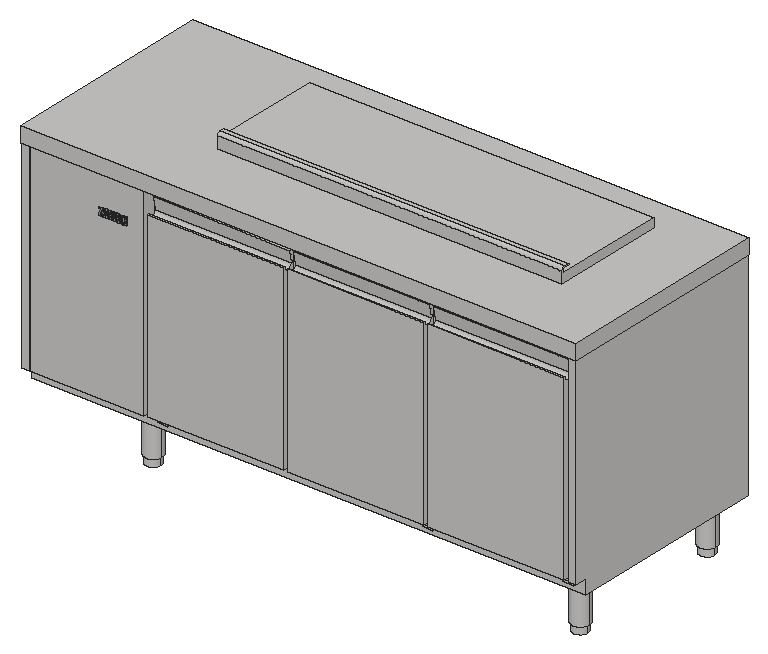
Revit family "QF_ZANUSSI_111051_ZH3HSAAA", category Specialty Equipment, Revit 2018
Family settings
  Round Connector Dimension = Use Diameter
  Part Type = Normal
  Work Plane-Based = No
  Always vertical = Yes
  Cut with Voids When Loaded = No
  Shared = No
  Room Calculation Point = No
Parameters
  Weight = 0.00 kg
  Watts = 0.0232258 W
  Volts = 220 V
  URL Manufacturer = "http://www.zanussiprofessional.com/"
  URL = "http://www.zanussiprofessional.com/"
  Steam Supply Size = 0 mm
  Steam Supply Minimum Pressure = 0.0 Pa
  Steam Supply Maximum Pressure = 0.0 Pa
  Steam Pounds per Hour = 0
  Show Logo [instance] = yes
  Show Clearance [instance] = yes
  Refrigeration Suction Line Size = 0 mm
  Refrigeration Liquid Line Size = 0 mm
  Refrigerant Compressor Remote = yes
  Manufacturer = "Zanussi"
  Phase = 1
  Model = "ZH3HSAAA"
  Length Actual = 1799 mm  # constant formula
  Item Number = "111051"
  Hot Water Size = 0 mm
  Height Actual = 900 mm  # constant formula
  HP = "0.3 HP"
  Gas Size = 0 mm
  Gas KW = 0
  Gas Input Pressure = 0 W
  Description = "3 DOORS REFR. TABLE-SALADETTE 440L"
  Depth Actual = 700 mm  # constant formula
  Cycle = 50 Hz
  Condensate Return Size = 0 mm
  Compressed Air Volume = 0.0 L/s
  Compressed Air Size = 0 mm
  Compressed Air Pressure = 0.0 Pa
  Cold Water Size = 0 mm
  Accessory = yes
Reference planes
  plane 1 "Center X": y = 182.5
  plane 2: z = 0
  plane 3 "Center Y": x = -353.5
  plane 4: y = -62.5
  plane 5: y = 451.5
  plane 6 "BACK": y = 532.5
  plane 7 "FRONT": y = -167.5
  plane 8: x = -906
  plane 9: x = 478
  plane 10: z = 150
  plane 11 "TOP": z = 900
  plane 12: z = 850
  plane 13 "LEFT": x = -1251
  plane 14 "RIGHT": x = 544
  plane 15: x = -1253
  plane 16: x = 546
Forms (mm)
  Extrusion 1, solid, material "QF_Finishes_Stainless Steel"
    sketch origin (-353.5, 2, 0) x (0, 1, 0) y (0, 0, 1)
      loop
        line (530.5, 150) -> (530.5, 850) -> (-124.5, 850) -> (-124.5, 150) -> (530.5, 150)
    from -897.5 to 897.5
  Extrusion 2, solid, material "QF_Finishes_Stainless Steel"
    sketch origin (-1022.223, -1524, 150) x (-1, 0, 0) y (0, -1, 0)
      loop
        line (228.777, -1361.5) -> (203.777, -1361.5) -> (203.777, -1401.5) -> (228.777, -1401.5) -> (228.777, -1361.5)
      loop
        line (-1566.223, -1401.5) -> (-1541.223, -1401.5) -> (-1541.223, -1361.5) -> (-1566.223, -1361.5) -> (-1566.223, -1401.5)
    from 47 to 700
  Extrusion 3, solid, material "QF_Finishes_Stainless Steel"
    sketch origin (0, 0, 900) x (-1, 0, 0) y (0, -1, 0)
      loop
        circle (170, -94.5) r 8.45
    from -790.577 to -750
  Extrusion 4, solid, material "QF_Finishes_Stainless Steel"
    sketch origin (0, 0, 0) x (1, 0, 0) y (0, 1, 0)
      loop
        circle (-1167, 451.5) r 4
    from 109.423 to 150
  Extrusion 5, solid, material "QF_Finishes_Stainless Steel"
    sketch origin (-126.5, 0, 0) x (0, 1, 0) y (0, 0, 1)
      loop
        line (-167.5, 900) -> (-167.5, 850) -> (532.5, 850) -> (532.5, 900) -> (-167.5, 900)
    from 672.5 to -1126.5
Cuts and joins
  joined: Extrusion 1, Extrusion 2
Lines and regions (mm)
  symbolic lines, style "SpecialityEquipmentHiddenLines"
    curve 1: line (-1253, -122.5, 900) -> (546, -122.5, 900)
    curve 2: line (-850, -167.5, 900) -> (-850, -122.5, 900)
  symbolic lines, style "SpecialityEquipment"
    curve 3: line (-1253, 532.5, 900) -> (546, 532.5, 900)
    curve 4: line (-1253, 532.5, 900) -> (-1253, -167.5, 900)
    curve 5: line (-1253, -167.5, 900) -> (546, -167.5, 900)
    curve 6: line (546, -167.5, 900) -> (546, 532.5, 900)
Dimensions and locks
  locked: plane 6 "BACK" to plane 7 "FRONT" at 700
  equal spacing: plane 6 "BACK", plane 1 "Center X", plane 7 "FRONT"
  locked: plane 6 "BACK" to plane 5 at 81
  plane 10 to level = 150 mm
  plane 11 "TOP" to plane 12 to plane 10 = 50 mm locked, 700 mm locked
  locked: Extrusion 2 sketch curve to Extrusion 2 sketch curve at 25  (x2)
  locked: plane 4 to plane 7 "FRONT" at 105
  locked: plane 6 "BACK" to Extrusion 3 sketch curve at 438
  equal spacing: plane 13 "LEFT", plane 3 "Center Y", plane 14 "RIGHT"
  plane 15 to plane 16 = 1799 mm
  locked: plane 13 "LEFT" to plane 8 at 345
  locked: plane 9 to plane 14 "RIGHT" at 66
  Extrusion 3 sketch curve to plane 14 "RIGHT" = 714 mm
  plane 13 "LEFT" to Extrusion 4 sketch curve = 84 mm
  locked: plane 6 "BACK" to Extrusion 4 sketch curve at 81
  locked: plane 10 to Extrusion 4 at 40.577
  aligned and locked: level to plane 2
  aligned and locked: plane 10 to Extrusion 3
  aligned and locked: nested 4 to plane 4
  aligned and locked: nested 1 to plane 4
  aligned and locked: nested 3 to plane 5
  aligned and locked: nested 2 to plane 5
  aligned and locked: plane 8 to nested 1
  aligned and locked: plane 8 to nested 2
  aligned and locked: plane 9 to nested 4
  aligned and locked: plane 9 to nested 3
  aligned and locked: Extrusion 1 to Extrusion 2
  aligned and locked: Extrusion 2 to Extrusion 1
  aligned and locked: Extrusion 2 sketch curve to plane 14 "RIGHT"
  aligned and locked: plane 13 "LEFT" to Extrusion 2 sketch curve
  aligned and locked: cut or joined group of Extrusion 1, Extrusion 2 to plane 10
  aligned and locked: plane 12 to cut or joined group of Extrusion 1, Extrusion 2
  aligned and locked: plane 10 to Extrusion 4
Automatic sketch dimensions
  plane 7 "FRONT" to Extrusion 2 sketch curve = 45 mm  (x2)
  plane 7 "FRONT" to Extrusion 2 sketch curve = 5 mm  (x2)
  Extrusion 1 sketch curve to plane 10 = 0 mm
  Extrusion 1 sketch curve to plane 12 = 0 mm
  Extrusion 1 sketch curve to plane 6 "BACK" = 0 mm
  plane 7 "FRONT" to Extrusion 1 sketch curve = 45 mm
  Extrusion 5 sketch curve to plane 7 "FRONT" = 0 mm
  Extrusion 5 sketch curve to plane 6 "BACK" = 0 mm
  Extrusion 5 sketch curve to plane 12 = 0 mm
  Extrusion 5 sketch curve to plane 11 "TOP" = 0 mm
  curve 6 to plane 6 "BACK" = 0 mm
  curve 6 to plane 16 = 0 mm
  curve 2 to plane 7 "FRONT" = 0 mm
  curve 5 to plane 15 = 0 mm
  plane 8 to curve 2 = 56 mm
  curve 1 to curve 4 = 45 mm
  radius of Extrusion 3 sketch curve = 8.45 mm
  radius of Extrusion 4 sketch curve = 4 mm
Nested families
  nested 1: "Foot_Ø50_H150" at (-906, -62.5, 0), type "Foot_Ø50_H150"
  nested 2: "Foot_Ø50_H150" at (-906, 451.5, 0), type "Foot_Ø50_H150"
  nested 3: "Foot_Ø50_H150" at (478, 451.5, 0), type "Foot_Ø50_H150"
  nested 4: "Foot_Ø50_H150" at (478, -62.5, 0), type "Foot_Ø50_H150"
  nested 5: "Door" at (285, -164.5, 0), Show Clearance <- "Show Clearance", type "Door"
  nested 6: "Door" at (-169, -164.5, 0), Show Clearance <- "Show Clearance", type "Door"
  nested 7: "Refrigerator" at (544, -167.5, 900), type "Refrigerator"
  nested 8: "ZAN_Cooling Unit" at (-1041.5, -164.5, 0), Show Logo <- "Show Logo", type "ZAN_Cooling Unit"
  nested 9: "Door" at (-623, -164.5, 0) x (-1, 0, 0) z (0, 0, 1), Show Clearance <- "Show Clearance", type "Door"
  nested 10: "Saladette_3C" at (0, 0, 0), Show Clearance <- "Show Clearance", type "Saladette_3C"
    with Show Clearance yes
Connectors
  electrical at (-1167, 451.5, 109.423), driven by "Volts"
    settings: on Extrusion 4, index 4, voltage 220 V, apparent load 0 VA, apparent load phase1 0 VA, apparent load phase2 0 VA, apparent load phase3 0 VA, power factor 1, load classification "Altro", number of poles 1, system type 30, power factor state 1, is connector primary yes, connector utility no, sub classification motor no, connector description "Electrical Connection"
  piping at (-170, 94.5, 109.423), diameter 17
    settings: on Extrusion 3, index 5, connector inside diameter 609.6 mm, connector length 0 mm, flow factor 0, pipe flow 0.0 L/s, pressure drop 0.0 Pa, fitting loss kfactor 0, connector angle 0.00°, fixture units 0, engagement length 0 mm, angle of deflection 0.00°, flow configuration 1, flow direction 2, fitting loss method 0, system type 16, joint type 0, gender type 0, connector reference index -1, connector utility 0, adjustable connector no, is connector primary yes, connector description "Drain"
Definition of nested family "Foot_Ø50_H150"
  Reference planes
    plane 1 "Centro (Fronte/Retro)": y = 0
    plane 2: z = 0
    plane 3 "Centro (Sinistra/Destra)": x = 0
    plane 4: z = 150
  Forms (mm)
    Revolve 1, solid
      sketch origin (255.05, 0, 608.09) x (0, 0, 1) y (-1, 0, 0)
        loop
          line (-608.09, 255.05) -> (-608.09, 230.05) -> (-583.09, 230.05) -> (-583.09, 226.05) -> (-458.09, 226.05) -> (-458.09, 255.05) -> (-608.09, 255.05)
        axis (-608.09, 255.05) -> (-458.09, 255.05)
      angle from 0 to 360
  Dimensions and locks
    locked: Revolve 1 sketch curve to Revolve 1 sketch curve at 125
    aligned and locked: level to plane 2
    aligned and locked: plane 4 to Revolve 1 sketch curve
    aligned and locked: Revolve 1 sketch curve to level
    aligned and locked: plane 3 "Centro (Sinistra/Destra)" to Revolve 1 sketch curve
Definition of nested family "Door"
  Parameters
    Show Clearance [instance] = yes
  Reference planes
    plane 1 "FRONT": y = -3
    plane 2: z = 0
    plane 3 "Centro (Sinistra/Destra)": x = 0
    plane 4: z = 150
    plane 5: z = 850
    plane 6: x = -234
    plane 7: x = 234
    plane 8: x = -220
    plane 9: x = 220
  Forms (mm)
    Extrusion 1, solid
      sketch origin (0, 53, 511) x (0, 0, 1) y (0, -1, 0)
        loop
          line (-323.003, 28.5) -> (-316.501, 28.5) -> (-316.501, 31) -> (-325.503, 31) -> (-325.503, 13.5) -> (-345.503, 13.5) -> (-345.503, 11) -> (-323.003, 11) -> (-323.003, 23.259) -> (-323.003, 28.5)
        loop
          line (-314, 27) -> (-316.501, 27) -> (-316.501, 18.501) -> (-319.752, 18.501) -> (-319.752, 16) -> (-314, 16) -> (-314, 27)
        loop
          line (315.003, 27) -> (315.003, 13.948) -> (315.003, 11) -> (327.503, 11) -> (327.503, 13.5) -> (317.503, 13.5) -> (317.503, 27) -> (315.003, 27)
      from 185 to 220
    Extrusion 2, solid, visible <- "Show Clearance", detail levels coarse
      sketch origin (0, 53, 511) x (0, -1, 0) y (1, 0, 0)
        loop
          line (51, 220) -> (51, -220)
          arc (51, -220) -> (339.234, -79.44) -> (454, 220) r 437.168
          line (454, 220) -> (51, 220)
      from -314 to 314
    Extrusion 3, solid
      sketch origin (0, 55, 511) x (0, 0, 1) y (0, -1, 0)
        loop
          line (314, 18) -> (314, 29) -> (274.395, 22.5)
          arc (274.395, 22.5) -> (260.395, 36.5) -> (274.395, 50.5) r 14
          line (274.395, 50.5) -> (274.395, 53) -> (-314, 53) -> (-314, 18) -> (314, 18)
      from -220 to 220
  Lines and regions (mm)
    symbolic lines
      curve 1: line (220, -3, 0) -> (220, -401, 0)
      curve 2: line (220, -401, 0) -> (185, -401, 0)
      curve 3: line (185, -401, 0) -> (185, -3, 0)
      curve 4: arc (-219.722, -3, 0) -> (-89.51, -275.368, 0) -> (185, -401, 0) r 442.855
  Dimensions and locks
    aligned and locked: level to plane 2
Definition of nested family "ZAN_Cooling Unit"
  Parameters
    Show Logo [instance] = yes
  Reference planes
    plane 1 "FRONT": y = -3
    plane 2: z = 0
    plane 3 "Centro (Sinistra/Destra)": x = 0
    plane 4: z = 150
    plane 5: z = 850
    plane 6: x = -184.5
    plane 7: x = 184.5
  Forms (mm)
    Extrusion 1, solid
      sketch origin (0, 55, 511) x (0, 0, 1) y (0, -1, 0)
        loop
          line (-314, 53) -> (-314, 13) -> (339, 13) -> (339, 53) -> (-314, 53)
      from -184.5 to 184.5
  Lines and regions (mm)
    Split face 1
      outline origin (0, 2, 197) x (0, 0, 1) y (-1, 0, 0)
        loop
          line (566.835, 184.5) -> (566.835, -184.5)
        loop
          line (521.835, 184.5) -> (521.835, -184.5)
    Split face 2
      outline origin (0, 2, 197) x (0, 0, 1) y (-1, 0, 0)
        loop
          arc (510.649, 158.547) -> (506.648, 162.548) -> (502.647, 158.547) r 4.001
          line (502.647, 158.547) -> (502.647, 116.535)
          arc (502.647, 116.535) -> (506.648, 112.533) -> (510.649, 116.535) r 4.001
          line (510.649, 116.535) -> (510.649, 158.547)
    Split face 3
      outline origin (0, 2, 184.996) x (0, 0, 1) y (-1, 0, 0)
        loop
          arc (510.649, 158.547) -> (506.648, 162.548) -> (502.647, 158.547) r 4.001
          line (502.647, 158.547) -> (502.647, 116.535)
          arc (502.647, 116.535) -> (506.648, 112.533) -> (510.649, 116.535) r 4.001
          line (510.649, 116.535) -> (510.649, 158.547)
    Split face 4
      outline origin (0, 2, 172.993) x (0, 0, 1) y (-1, 0, 0)
        loop
          arc (510.649, 158.547) -> (506.648, 162.548) -> (502.647, 158.547) r 4.001
          line (502.647, 158.547) -> (502.647, 116.535)
          arc (502.647, 116.535) -> (506.648, 112.533) -> (510.649, 116.535) r 4.001
          line (510.649, 116.535) -> (510.649, 158.547)
    Split face 5
      outline origin (0, 2, 160.989) x (0, 0, 1) y (-1, 0, 0)
        loop
          arc (510.649, 158.547) -> (506.648, 162.548) -> (502.647, 158.547) r 4.001
          line (502.647, 158.547) -> (502.647, 116.535)
          arc (502.647, 116.535) -> (506.648, 112.533) -> (510.649, 116.535) r 4.001
          line (510.649, 116.535) -> (510.649, 158.547)
    Split face 6
      outline origin (0, 2, 148.986) x (0, 0, 1) y (-1, 0, 0)
        loop
          arc (510.649, 158.547) -> (506.648, 162.548) -> (502.647, 158.547) r 4.001
          line (502.647, 158.547) -> (502.647, 116.535)
          arc (502.647, 116.535) -> (506.648, 112.533) -> (510.649, 116.535) r 4.001
          line (510.649, 116.535) -> (510.649, 158.547)
    Split face 7
      outline origin (0, 2, 136.982) x (0, 0, 1) y (-1, 0, 0)
        loop
          arc (510.649, 158.547) -> (506.648, 162.548) -> (502.647, 158.547) r 4.001
          line (502.647, 158.547) -> (502.647, 116.535)
          arc (502.647, 116.535) -> (506.648, 112.533) -> (510.649, 116.535) r 4.001
          line (510.649, 116.535) -> (510.649, 158.547)
    Split face 8
      outline origin (0, 2, 124.979) x (0, 0, 1) y (-1, 0, 0)
        loop
          arc (510.649, 158.547) -> (506.648, 162.548) -> (502.647, 158.547) r 4.001
          line (502.647, 158.547) -> (502.647, 116.535)
          arc (502.647, 116.535) -> (506.648, 112.533) -> (510.649, 116.535) r 4.001
          line (510.649, 116.535) -> (510.649, 158.547)
    Split face 9
      outline origin (0, 2, 112.975) x (0, 0, 1) y (-1, 0, 0)
        loop
          arc (510.649, 158.547) -> (506.648, 162.548) -> (502.647, 158.547) r 4.001
          line (502.647, 158.547) -> (502.647, 116.535)
          arc (502.647, 116.535) -> (506.648, 112.533) -> (510.649, 116.535) r 4.001
          line (510.649, 116.535) -> (510.649, 158.547)
    Split face 10
      outline origin (0, 2, 100.972) x (0, 0, 1) y (-1, 0, 0)
        loop
          arc (510.649, 158.547) -> (506.648, 162.548) -> (502.647, 158.547) r 4.001
          line (502.647, 158.547) -> (502.647, 116.535)
          arc (502.647, 116.535) -> (506.648, 112.533) -> (510.649, 116.535) r 4.001
          line (510.649, 116.535) -> (510.649, 158.547)
    Split face 11
      outline origin (0, 2, 88.968) x (0, 0, 1) y (-1, 0, 0)
        loop
          arc (510.649, 158.547) -> (506.648, 162.548) -> (502.647, 158.547) r 4.001
          line (502.647, 158.547) -> (502.647, 116.535)
          arc (502.647, 116.535) -> (506.648, 112.533) -> (510.649, 116.535) r 4.001
          line (510.649, 116.535) -> (510.649, 158.547)
    Split face 12
      outline origin (0, 2, 76.965) x (0, 0, 1) y (-1, 0, 0)
        loop
          arc (510.649, 158.547) -> (506.648, 162.548) -> (502.647, 158.547) r 4.001
          line (502.647, 158.547) -> (502.647, 116.535)
          arc (502.647, 116.535) -> (506.648, 112.533) -> (510.649, 116.535) r 4.001
          line (510.649, 116.535) -> (510.649, 158.547)
    Split face 13
      outline origin (0, 2, 64.961) x (0, 0, 1) y (-1, 0, 0)
        loop
          arc (510.649, 158.547) -> (506.648, 162.548) -> (502.647, 158.547) r 4.001
          line (502.647, 158.547) -> (502.647, 116.535)
          arc (502.647, 116.535) -> (506.648, 112.533) -> (510.649, 116.535) r 4.001
          line (510.649, 116.535) -> (510.649, 158.547)
    Split face 14
      outline origin (0, 2, 52.958) x (0, 0, 1) y (-1, 0, 0)
        loop
          arc (510.649, 158.547) -> (506.648, 162.548) -> (502.647, 158.547) r 4.001
          line (502.647, 158.547) -> (502.647, 116.535)
          arc (502.647, 116.535) -> (506.648, 112.533) -> (510.649, 116.535) r 4.001
          line (510.649, 116.535) -> (510.649, 158.547)
    Split face 15
      outline origin (0, 2, 40.954) x (0, 0, 1) y (-1, 0, 0)
        loop
          arc (510.649, 158.547) -> (506.648, 162.548) -> (502.647, 158.547) r 4.001
          line (502.647, 158.547) -> (502.647, 116.535)
          arc (502.647, 116.535) -> (506.648, 112.533) -> (510.649, 116.535) r 4.001
          line (510.649, 116.535) -> (510.649, 158.547)
    Split face 16
      outline origin (0, 2, 28.951) x (0, 0, 1) y (-1, 0, 0)
        loop
          arc (510.649, 158.547) -> (506.648, 162.548) -> (502.647, 158.547) r 4.001
          line (502.647, 158.547) -> (502.647, 116.535)
          arc (502.647, 116.535) -> (506.648, 112.533) -> (510.649, 116.535) r 4.001
          line (510.649, 116.535) -> (510.649, 158.547)
    Split face 17
      outline origin (0, 2, 16.947) x (0, 0, 1) y (-1, 0, 0)
        loop
          arc (510.649, 158.547) -> (506.648, 162.548) -> (502.647, 158.547) r 4.001
          line (502.647, 158.547) -> (502.647, 116.535)
          arc (502.647, 116.535) -> (506.648, 112.533) -> (510.649, 116.535) r 4.001
          line (510.649, 116.535) -> (510.649, 158.547)
    Split face 18
      outline origin (55.016, 2, 197) x (0, 0, 1) y (-1, 0, 0)
        loop
          arc (510.649, 158.547) -> (506.648, 162.548) -> (502.647, 158.547) r 4.001
          line (502.647, 158.547) -> (502.647, 116.535)
          arc (502.647, 116.535) -> (506.648, 112.533) -> (510.649, 116.535) r 4.001
          line (510.649, 116.535) -> (510.649, 158.547)
    Split face 19
      outline origin (55.016, 2, 184.996) x (0, 0, 1) y (-1, 0, 0)
        loop
          arc (510.649, 158.547) -> (506.648, 162.548) -> (502.647, 158.547) r 4.001
          line (502.647, 158.547) -> (502.647, 116.535)
          arc (502.647, 116.535) -> (506.648, 112.533) -> (510.649, 116.535) r 4.001
          line (510.649, 116.535) -> (510.649, 158.547)
    Split face 20
      outline origin (55.016, 2, 172.993) x (0, 0, 1) y (-1, 0, 0)
        loop
          arc (510.649, 158.547) -> (506.648, 162.548) -> (502.647, 158.547) r 4.001
          line (502.647, 158.547) -> (502.647, 116.535)
          arc (502.647, 116.535) -> (506.648, 112.533) -> (510.649, 116.535) r 4.001
          line (510.649, 116.535) -> (510.649, 158.547)
    Split face 21
      outline origin (55.016, 2, 160.989) x (0, 0, 1) y (-1, 0, 0)
        loop
          arc (510.649, 158.547) -> (506.648, 162.548) -> (502.647, 158.547) r 4.001
          line (502.647, 158.547) -> (502.647, 116.535)
          arc (502.647, 116.535) -> (506.648, 112.533) -> (510.649, 116.535) r 4.001
          line (510.649, 116.535) -> (510.649, 158.547)
    Split face 22
      outline origin (55.016, 2, 148.986) x (0, 0, 1) y (-1, 0, 0)
        loop
          arc (510.649, 158.547) -> (506.648, 162.548) -> (502.647, 158.547) r 4.001
          line (502.647, 158.547) -> (502.647, 116.535)
          arc (502.647, 116.535) -> (506.648, 112.533) -> (510.649, 116.535) r 4.001
          line (510.649, 116.535) -> (510.649, 158.547)
    Split face 23
      outline origin (55.016, 2, 136.982) x (0, 0, 1) y (-1, 0, 0)
        loop
          arc (510.649, 158.547) -> (506.648, 162.548) -> (502.647, 158.547) r 4.001
          line (502.647, 158.547) -> (502.647, 116.535)
          arc (502.647, 116.535) -> (506.648, 112.533) -> (510.649, 116.535) r 4.001
          line (510.649, 116.535) -> (510.649, 158.547)
    Split face 24
      outline origin (55.016, 2, 124.979) x (0, 0, 1) y (-1, 0, 0)
        loop
          arc (510.649, 158.547) -> (506.648, 162.548) -> (502.647, 158.547) r 4.001
          line (502.647, 158.547) -> (502.647, 116.535)
          arc (502.647, 116.535) -> (506.648, 112.533) -> (510.649, 116.535) r 4.001
          line (510.649, 116.535) -> (510.649, 158.547)
    Split face 25
      outline origin (55.016, 2, 112.975) x (0, 0, 1) y (-1, 0, 0)
        loop
          arc (510.649, 158.547) -> (506.648, 162.548) -> (502.647, 158.547) r 4.001
          line (502.647, 158.547) -> (502.647, 116.535)
          arc (502.647, 116.535) -> (506.648, 112.533) -> (510.649, 116.535) r 4.001
          line (510.649, 116.535) -> (510.649, 158.547)
    Split face 26
      outline origin (55.016, 2, 100.972) x (0, 0, 1) y (-1, 0, 0)
        loop
          arc (510.649, 158.547) -> (506.648, 162.548) -> (502.647, 158.547) r 4.001
          line (502.647, 158.547) -> (502.647, 116.535)
          arc (502.647, 116.535) -> (506.648, 112.533) -> (510.649, 116.535) r 4.001
          line (510.649, 116.535) -> (510.649, 158.547)
    Split face 27
      outline origin (55.016, 2, 88.968) x (0, 0, 1) y (-1, 0, 0)
        loop
          arc (510.649, 158.547) -> (506.648, 162.548) -> (502.647, 158.547) r 4.001
          line (502.647, 158.547) -> (502.647, 116.535)
          arc (502.647, 116.535) -> (506.648, 112.533) -> (510.649, 116.535) r 4.001
          line (510.649, 116.535) -> (510.649, 158.547)
    Split face 28
      outline origin (55.016, 2, 76.965) x (0, 0, 1) y (-1, 0, 0)
        loop
          arc (510.649, 158.547) -> (506.648, 162.548) -> (502.647, 158.547) r 4.001
          line (502.647, 158.547) -> (502.647, 116.535)
          arc (502.647, 116.535) -> (506.648, 112.533) -> (510.649, 116.535) r 4.001
          line (510.649, 116.535) -> (510.649, 158.547)
    Split face 29
      outline origin (55.016, 2, 64.961) x (0, 0, 1) y (-1, 0, 0)
        loop
          arc (510.649, 158.547) -> (506.648, 162.548) -> (502.647, 158.547) r 4.001
          line (502.647, 158.547) -> (502.647, 116.535)
          arc (502.647, 116.535) -> (506.648, 112.533) -> (510.649, 116.535) r 4.001
          line (510.649, 116.535) -> (510.649, 158.547)
    Split face 30
      outline origin (55.016, 2, 52.958) x (0, 0, 1) y (-1, 0, 0)
        loop
          arc (510.649, 158.547) -> (506.648, 162.548) -> (502.647, 158.547) r 4.001
          line (502.647, 158.547) -> (502.647, 116.535)
          arc (502.647, 116.535) -> (506.648, 112.533) -> (510.649, 116.535) r 4.001
          line (510.649, 116.535) -> (510.649, 158.547)
    Split face 31
      outline origin (55.016, 2, 40.954) x (0, 0, 1) y (-1, 0, 0)
        loop
          arc (510.649, 158.547) -> (506.648, 162.548) -> (502.647, 158.547) r 4.001
          line (502.647, 158.547) -> (502.647, 116.535)
          arc (502.647, 116.535) -> (506.648, 112.533) -> (510.649, 116.535) r 4.001
          line (510.649, 116.535) -> (510.649, 158.547)
    Split face 32
      outline origin (55.016, 2, 28.951) x (0, 0, 1) y (-1, 0, 0)
        loop
          arc (510.649, 158.547) -> (506.648, 162.548) -> (502.647, 158.547) r 4.001
          line (502.647, 158.547) -> (502.647, 116.535)
          arc (502.647, 116.535) -> (506.648, 112.533) -> (510.649, 116.535) r 4.001
          line (510.649, 116.535) -> (510.649, 158.547)
    Split face 33
      outline origin (55.016, 2, 16.947) x (0, 0, 1) y (-1, 0, 0)
        loop
          arc (510.649, 158.547) -> (506.648, 162.548) -> (502.647, 158.547) r 4.001
          line (502.647, 158.547) -> (502.647, 116.535)
          arc (502.647, 116.535) -> (506.648, 112.533) -> (510.649, 116.535) r 4.001
          line (510.649, 116.535) -> (510.649, 158.547)
    Split face 34
      outline origin (110.032, 2, 197) x (0, 0, 1) y (-1, 0, 0)
        loop
          arc (510.649, 158.547) -> (506.648, 162.548) -> (502.647, 158.547) r 4.001
          line (502.647, 158.547) -> (502.647, 116.535)
          arc (502.647, 116.535) -> (506.648, 112.533) -> (510.649, 116.535) r 4.001
          line (510.649, 116.535) -> (510.649, 158.547)
    Split face 35
      outline origin (110.032, 2, 184.996) x (0, 0, 1) y (-1, 0, 0)
        loop
          arc (510.649, 158.547) -> (506.648, 162.548) -> (502.647, 158.547) r 4.001
          line (502.647, 158.547) -> (502.647, 116.535)
          arc (502.647, 116.535) -> (506.648, 112.533) -> (510.649, 116.535) r 4.001
          line (510.649, 116.535) -> (510.649, 158.547)
    Split face 36
      outline origin (110.032, 2, 172.993) x (0, 0, 1) y (-1, 0, 0)
        loop
          arc (510.649, 158.547) -> (506.648, 162.548) -> (502.647, 158.547) r 4.001
          line (502.647, 158.547) -> (502.647, 116.535)
          arc (502.647, 116.535) -> (506.648, 112.533) -> (510.649, 116.535) r 4.001
          line (510.649, 116.535) -> (510.649, 158.547)
    Split face 37
      outline origin (110.032, 2, 160.989) x (0, 0, 1) y (-1, 0, 0)
        loop
          arc (510.649, 158.547) -> (506.648, 162.548) -> (502.647, 158.547) r 4.001
          line (502.647, 158.547) -> (502.647, 116.535)
          arc (502.647, 116.535) -> (506.648, 112.533) -> (510.649, 116.535) r 4.001
          line (510.649, 116.535) -> (510.649, 158.547)
    Split face 38
      outline origin (110.032, 2, 148.986) x (0, 0, 1) y (-1, 0, 0)
        loop
          arc (510.649, 158.547) -> (506.648, 162.548) -> (502.647, 158.547) r 4.001
          line (502.647, 158.547) -> (502.647, 116.535)
          arc (502.647, 116.535) -> (506.648, 112.533) -> (510.649, 116.535) r 4.001
          line (510.649, 116.535) -> (510.649, 158.547)
    Split face 39
      outline origin (110.032, 2, 136.982) x (0, 0, 1) y (-1, 0, 0)
        loop
          arc (510.649, 158.547) -> (506.648, 162.548) -> (502.647, 158.547) r 4.001
          line (502.647, 158.547) -> (502.647, 116.535)
          arc (502.647, 116.535) -> (506.648, 112.533) -> (510.649, 116.535) r 4.001
          line (510.649, 116.535) -> (510.649, 158.547)
    Split face 40
      outline origin (110.032, 2, 124.979) x (0, 0, 1) y (-1, 0, 0)
        loop
          arc (510.649, 158.547) -> (506.648, 162.548) -> (502.647, 158.547) r 4.001
          line (502.647, 158.547) -> (502.647, 116.535)
          arc (502.647, 116.535) -> (506.648, 112.533) -> (510.649, 116.535) r 4.001
          line (510.649, 116.535) -> (510.649, 158.547)
    Split face 41
      outline origin (110.032, 2, 112.975) x (0, 0, 1) y (-1, 0, 0)
        loop
          arc (510.649, 158.547) -> (506.648, 162.548) -> (502.647, 158.547) r 4.001
          line (502.647, 158.547) -> (502.647, 116.535)
          arc (502.647, 116.535) -> (506.648, 112.533) -> (510.649, 116.535) r 4.001
          line (510.649, 116.535) -> (510.649, 158.547)
    Split face 42
      outline origin (110.032, 2, 100.972) x (0, 0, 1) y (-1, 0, 0)
        loop
          arc (510.649, 158.547) -> (506.648, 162.548) -> (502.647, 158.547) r 4.001
          line (502.647, 158.547) -> (502.647, 116.535)
          arc (502.647, 116.535) -> (506.648, 112.533) -> (510.649, 116.535) r 4.001
          line (510.649, 116.535) -> (510.649, 158.547)
    Split face 43
      outline origin (110.032, 2, 88.968) x (0, 0, 1) y (-1, 0, 0)
        loop
          arc (510.649, 158.547) -> (506.648, 162.548) -> (502.647, 158.547) r 4.001
          line (502.647, 158.547) -> (502.647, 116.535)
          arc (502.647, 116.535) -> (506.648, 112.533) -> (510.649, 116.535) r 4.001
          line (510.649, 116.535) -> (510.649, 158.547)
    Split face 44
      outline origin (110.032, 2, 76.965) x (0, 0, 1) y (-1, 0, 0)
        loop
          arc (510.649, 158.547) -> (506.648, 162.548) -> (502.647, 158.547) r 4.001
          line (502.647, 158.547) -> (502.647, 116.535)
          arc (502.647, 116.535) -> (506.648, 112.533) -> (510.649, 116.535) r 4.001
          line (510.649, 116.535) -> (510.649, 158.547)
    Split face 45
      outline origin (110.032, 2, 64.961) x (0, 0, 1) y (-1, 0, 0)
        loop
          arc (510.649, 158.547) -> (506.648, 162.548) -> (502.647, 158.547) r 4.001
          line (502.647, 158.547) -> (502.647, 116.535)
          arc (502.647, 116.535) -> (506.648, 112.533) -> (510.649, 116.535) r 4.001
          line (510.649, 116.535) -> (510.649, 158.547)
    Split face 46
      outline origin (110.032, 2, 52.958) x (0, 0, 1) y (-1, 0, 0)
        loop
          arc (510.649, 158.547) -> (506.648, 162.548) -> (502.647, 158.547) r 4.001
          line (502.647, 158.547) -> (502.647, 116.535)
          arc (502.647, 116.535) -> (506.648, 112.533) -> (510.649, 116.535) r 4.001
          line (510.649, 116.535) -> (510.649, 158.547)
    Split face 47
      outline origin (110.032, 2, 40.954) x (0, 0, 1) y (-1, 0, 0)
        loop
          arc (510.649, 158.547) -> (506.648, 162.548) -> (502.647, 158.547) r 4.001
          line (502.647, 158.547) -> (502.647, 116.535)
          arc (502.647, 116.535) -> (506.648, 112.533) -> (510.649, 116.535) r 4.001
          line (510.649, 116.535) -> (510.649, 158.547)
    Split face 48
      outline origin (110.032, 2, 28.951) x (0, 0, 1) y (-1, 0, 0)
        loop
          arc (510.649, 158.547) -> (506.648, 162.548) -> (502.647, 158.547) r 4.001
          line (502.647, 158.547) -> (502.647, 116.535)
          arc (502.647, 116.535) -> (506.648, 112.533) -> (510.649, 116.535) r 4.001
          line (510.649, 116.535) -> (510.649, 158.547)
    Split face 49
      outline origin (110.032, 2, 16.947) x (0, 0, 1) y (-1, 0, 0)
        loop
          arc (510.649, 158.547) -> (506.648, 162.548) -> (502.647, 158.547) r 4.001
          line (502.647, 158.547) -> (502.647, 116.535)
          arc (502.647, 116.535) -> (506.648, 112.533) -> (510.649, 116.535) r 4.001
          line (510.649, 116.535) -> (510.649, 158.547)
    Split face 50
      outline origin (165.048, 2, 197) x (0, 0, 1) y (-1, 0, 0)
        loop
          arc (510.649, 158.547) -> (506.648, 162.548) -> (502.647, 158.547) r 4.001
          line (502.647, 158.547) -> (502.647, 116.535)
          arc (502.647, 116.535) -> (506.648, 112.533) -> (510.649, 116.535) r 4.001
          line (510.649, 116.535) -> (510.649, 158.547)
    Split face 51
      outline origin (165.048, 2, 184.996) x (0, 0, 1) y (-1, 0, 0)
        loop
          arc (510.649, 158.547) -> (506.648, 162.548) -> (502.647, 158.547) r 4.001
          line (502.647, 158.547) -> (502.647, 116.535)
          arc (502.647, 116.535) -> (506.648, 112.533) -> (510.649, 116.535) r 4.001
          line (510.649, 116.535) -> (510.649, 158.547)
    Split face 52
      outline origin (165.048, 2, 172.993) x (0, 0, 1) y (-1, 0, 0)
        loop
          arc (510.649, 158.547) -> (506.648, 162.548) -> (502.647, 158.547) r 4.001
          line (502.647, 158.547) -> (502.647, 116.535)
          arc (502.647, 116.535) -> (506.648, 112.533) -> (510.649, 116.535) r 4.001
          line (510.649, 116.535) -> (510.649, 158.547)
    Split face 53
      outline origin (165.048, 2, 160.989) x (0, 0, 1) y (-1, 0, 0)
        loop
          arc (510.649, 158.547) -> (506.648, 162.548) -> (502.647, 158.547) r 4.001
          line (502.647, 158.547) -> (502.647, 116.535)
          arc (502.647, 116.535) -> (506.648, 112.533) -> (510.649, 116.535) r 4.001
          line (510.649, 116.535) -> (510.649, 158.547)
    Split face 54
      outline origin (165.048, 2, 148.986) x (0, 0, 1) y (-1, 0, 0)
        loop
          arc (510.649, 158.547) -> (506.648, 162.548) -> (502.647, 158.547) r 4.001
          line (502.647, 158.547) -> (502.647, 116.535)
          arc (502.647, 116.535) -> (506.648, 112.533) -> (510.649, 116.535) r 4.001
          line (510.649, 116.535) -> (510.649, 158.547)
    Split face 55
      outline origin (165.048, 2, 136.982) x (0, 0, 1) y (-1, 0, 0)
        loop
          arc (510.649, 158.547) -> (506.648, 162.548) -> (502.647, 158.547) r 4.001
          line (502.647, 158.547) -> (502.647, 116.535)
          arc (502.647, 116.535) -> (506.648, 112.533) -> (510.649, 116.535) r 4.001
          line (510.649, 116.535) -> (510.649, 158.547)
    Split face 56
      outline origin (165.048, 2, 124.979) x (0, 0, 1) y (-1, 0, 0)
        loop
          arc (510.649, 158.547) -> (506.648, 162.548) -> (502.647, 158.547) r 4.001
          line (502.647, 158.547) -> (502.647, 116.535)
          arc (502.647, 116.535) -> (506.648, 112.533) -> (510.649, 116.535) r 4.001
          line (510.649, 116.535) -> (510.649, 158.547)
    Split face 57
      outline origin (165.048, 2, 112.975) x (0, 0, 1) y (-1, 0, 0)
        loop
          arc (510.649, 158.547) -> (506.648, 162.548) -> (502.647, 158.547) r 4.001
          line (502.647, 158.547) -> (502.647, 116.535)
          arc (502.647, 116.535) -> (506.648, 112.533) -> (510.649, 116.535) r 4.001
          line (510.649, 116.535) -> (510.649, 158.547)
    Split face 58
      outline origin (165.048, 2, 100.972) x (0, 0, 1) y (-1, 0, 0)
        loop
          arc (510.649, 158.547) -> (506.648, 162.548) -> (502.647, 158.547) r 4.001
          line (502.647, 158.547) -> (502.647, 116.535)
          arc (502.647, 116.535) -> (506.648, 112.533) -> (510.649, 116.535) r 4.001
          line (510.649, 116.535) -> (510.649, 158.547)
    Split face 59
      outline origin (165.048, 2, 88.968) x (0, 0, 1) y (-1, 0, 0)
        loop
          arc (510.649, 158.547) -> (506.648, 162.548) -> (502.647, 158.547) r 4.001
          line (502.647, 158.547) -> (502.647, 116.535)
          arc (502.647, 116.535) -> (506.648, 112.533) -> (510.649, 116.535) r 4.001
          line (510.649, 116.535) -> (510.649, 158.547)
    Split face 60
      outline origin (165.048, 2, 76.965) x (0, 0, 1) y (-1, 0, 0)
        loop
          arc (510.649, 158.547) -> (506.648, 162.548) -> (502.647, 158.547) r 4.001
          line (502.647, 158.547) -> (502.647, 116.535)
          arc (502.647, 116.535) -> (506.648, 112.533) -> (510.649, 116.535) r 4.001
          line (510.649, 116.535) -> (510.649, 158.547)
    Split face 61
      outline origin (165.048, 2, 64.961) x (0, 0, 1) y (-1, 0, 0)
        loop
          arc (510.649, 158.547) -> (506.648, 162.548) -> (502.647, 158.547) r 4.001
          line (502.647, 158.547) -> (502.647, 116.535)
          arc (502.647, 116.535) -> (506.648, 112.533) -> (510.649, 116.535) r 4.001
          line (510.649, 116.535) -> (510.649, 158.547)
    Split face 62
      outline origin (165.048, 2, 52.958) x (0, 0, 1) y (-1, 0, 0)
        loop
          arc (510.649, 158.547) -> (506.648, 162.548) -> (502.647, 158.547) r 4.001
          line (502.647, 158.547) -> (502.647, 116.535)
          arc (502.647, 116.535) -> (506.648, 112.533) -> (510.649, 116.535) r 4.001
          line (510.649, 116.535) -> (510.649, 158.547)
    Split face 63
      outline origin (165.048, 2, 40.954) x (0, 0, 1) y (-1, 0, 0)
        loop
          arc (510.649, 158.547) -> (506.648, 162.548) -> (502.647, 158.547) r 4.001
          line (502.647, 158.547) -> (502.647, 116.535)
          arc (502.647, 116.535) -> (506.648, 112.533) -> (510.649, 116.535) r 4.001
          line (510.649, 116.535) -> (510.649, 158.547)
    Split face 64
      outline origin (165.048, 2, 28.951) x (0, 0, 1) y (-1, 0, 0)
        loop
          arc (510.649, 158.547) -> (506.648, 162.548) -> (502.647, 158.547) r 4.001
          line (502.647, 158.547) -> (502.647, 116.535)
          arc (502.647, 116.535) -> (506.648, 112.533) -> (510.649, 116.535) r 4.001
          line (510.649, 116.535) -> (510.649, 158.547)
    Split face 65
      outline origin (165.048, 2, 16.947) x (0, 0, 1) y (-1, 0, 0)
        loop
          arc (510.649, 158.547) -> (506.648, 162.548) -> (502.647, 158.547) r 4.001
          line (502.647, 158.547) -> (502.647, 116.535)
          arc (502.647, 116.535) -> (506.648, 112.533) -> (510.649, 116.535) r 4.001
          line (510.649, 116.535) -> (510.649, 158.547)
    Split face 66
      outline origin (220.064, 2, 197) x (0, 0, 1) y (-1, 0, 0)
        loop
          arc (510.649, 158.547) -> (506.648, 162.548) -> (502.647, 158.547) r 4.001
          line (502.647, 158.547) -> (502.647, 116.535)
          arc (502.647, 116.535) -> (506.648, 112.533) -> (510.649, 116.535) r 4.001
          line (510.649, 116.535) -> (510.649, 158.547)
    Split face 67
      outline origin (220.064, 2, 184.996) x (0, 0, 1) y (-1, 0, 0)
        loop
          arc (510.649, 158.547) -> (506.648, 162.548) -> (502.647, 158.547) r 4.001
          line (502.647, 158.547) -> (502.647, 116.535)
          arc (502.647, 116.535) -> (506.648, 112.533) -> (510.649, 116.535) r 4.001
          line (510.649, 116.535) -> (510.649, 158.547)
    Split face 68
      outline origin (220.064, 2, 172.993) x (0, 0, 1) y (-1, 0, 0)
        loop
          arc (510.649, 158.547) -> (506.648, 162.548) -> (502.647, 158.547) r 4.001
          line (502.647, 158.547) -> (502.647, 116.535)
          arc (502.647, 116.535) -> (506.648, 112.533) -> (510.649, 116.535) r 4.001
          line (510.649, 116.535) -> (510.649, 158.547)
    Split face 69
      outline origin (220.064, 2, 160.989) x (0, 0, 1) y (-1, 0, 0)
        loop
          arc (510.649, 158.547) -> (506.648, 162.548) -> (502.647, 158.547) r 4.001
          line (502.647, 158.547) -> (502.647, 116.535)
          arc (502.647, 116.535) -> (506.648, 112.533) -> (510.649, 116.535) r 4.001
          line (510.649, 116.535) -> (510.649, 158.547)
    Split face 70
      outline origin (220.064, 2, 148.986) x (0, 0, 1) y (-1, 0, 0)
        loop
          arc (510.649, 158.547) -> (506.648, 162.548) -> (502.647, 158.547) r 4.001
          line (502.647, 158.547) -> (502.647, 116.535)
          arc (502.647, 116.535) -> (506.648, 112.533) -> (510.649, 116.535) r 4.001
          line (510.649, 116.535) -> (510.649, 158.547)
    Split face 71
      outline origin (220.064, 2, 136.982) x (0, 0, 1) y (-1, 0, 0)
        loop
          arc (510.649, 158.547) -> (506.648, 162.548) -> (502.647, 158.547) r 4.001
          line (502.647, 158.547) -> (502.647, 116.535)
          arc (502.647, 116.535) -> (506.648, 112.533) -> (510.649, 116.535) r 4.001
          line (510.649, 116.535) -> (510.649, 158.547)
    Split face 72
      outline origin (220.064, 2, 124.979) x (0, 0, 1) y (-1, 0, 0)
        loop
          arc (510.649, 158.547) -> (506.648, 162.548) -> (502.647, 158.547) r 4.001
          line (502.647, 158.547) -> (502.647, 116.535)
          arc (502.647, 116.535) -> (506.648, 112.533) -> (510.649, 116.535) r 4.001
          line (510.649, 116.535) -> (510.649, 158.547)
    Split face 73
      outline origin (220.064, 2, 112.975) x (0, 0, 1) y (-1, 0, 0)
        loop
          arc (510.649, 158.547) -> (506.648, 162.548) -> (502.647, 158.547) r 4.001
          line (502.647, 158.547) -> (502.647, 116.535)
          arc (502.647, 116.535) -> (506.648, 112.533) -> (510.649, 116.535) r 4.001
          line (510.649, 116.535) -> (510.649, 158.547)
    Split face 74
      outline origin (220.064, 2, 100.972) x (0, 0, 1) y (-1, 0, 0)
        loop
          arc (510.649, 158.547) -> (506.648, 162.548) -> (502.647, 158.547) r 4.001
          line (502.647, 158.547) -> (502.647, 116.535)
          arc (502.647, 116.535) -> (506.648, 112.533) -> (510.649, 116.535) r 4.001
          line (510.649, 116.535) -> (510.649, 158.547)
    Split face 75
      outline origin (220.064, 2, 88.968) x (0, 0, 1) y (-1, 0, 0)
        loop
          arc (510.649, 158.547) -> (506.648, 162.548) -> (502.647, 158.547) r 4.001
          line (502.647, 158.547) -> (502.647, 116.535)
          arc (502.647, 116.535) -> (506.648, 112.533) -> (510.649, 116.535) r 4.001
          line (510.649, 116.535) -> (510.649, 158.547)
    Split face 76
      outline origin (220.064, 2, 76.965) x (0, 0, 1) y (-1, 0, 0)
        loop
          arc (510.649, 158.547) -> (506.648, 162.548) -> (502.647, 158.547) r 4.001
          line (502.647, 158.547) -> (502.647, 116.535)
          arc (502.647, 116.535) -> (506.648, 112.533) -> (510.649, 116.535) r 4.001
          line (510.649, 116.535) -> (510.649, 158.547)
    Split face 77
      outline origin (220.064, 2, 64.961) x (0, 0, 1) y (-1, 0, 0)
        loop
          arc (510.649, 158.547) -> (506.648, 162.548) -> (502.647, 158.547) r 4.001
          line (502.647, 158.547) -> (502.647, 116.535)
          arc (502.647, 116.535) -> (506.648, 112.533) -> (510.649, 116.535) r 4.001
          line (510.649, 116.535) -> (510.649, 158.547)
    Split face 78
      outline origin (220.064, 2, 52.958) x (0, 0, 1) y (-1, 0, 0)
        loop
          arc (510.649, 158.547) -> (506.648, 162.548) -> (502.647, 158.547) r 4.001
          line (502.647, 158.547) -> (502.647, 116.535)
          arc (502.647, 116.535) -> (506.648, 112.533) -> (510.649, 116.535) r 4.001
          line (510.649, 116.535) -> (510.649, 158.547)
    Split face 79
      outline origin (220.064, 2, 40.954) x (0, 0, 1) y (-1, 0, 0)
        loop
          arc (510.649, 158.547) -> (506.648, 162.548) -> (502.647, 158.547) r 4.001
          line (502.647, 158.547) -> (502.647, 116.535)
          arc (502.647, 116.535) -> (506.648, 112.533) -> (510.649, 116.535) r 4.001
          line (510.649, 116.535) -> (510.649, 158.547)
    Split face 80
      outline origin (220.064, 2, 28.951) x (0, 0, 1) y (-1, 0, 0)
        loop
          arc (510.649, 158.547) -> (506.648, 162.548) -> (502.647, 158.547) r 4.001
          line (502.647, 158.547) -> (502.647, 116.535)
          arc (502.647, 116.535) -> (506.648, 112.533) -> (510.649, 116.535) r 4.001
          line (510.649, 116.535) -> (510.649, 158.547)
    Split face 81
      outline origin (220.064, 2, 16.947) x (0, 0, 1) y (-1, 0, 0)
        loop
          arc (510.649, 158.547) -> (506.648, 162.548) -> (502.647, 158.547) r 4.001
          line (502.647, 158.547) -> (502.647, 116.535)
          arc (502.647, 116.535) -> (506.648, 112.533) -> (510.649, 116.535) r 4.001
          line (510.649, 116.535) -> (510.649, 158.547)
    Split face 82
      outline origin (275.081, 2, 197) x (0, 0, 1) y (-1, 0, 0)
        loop
          arc (510.649, 158.547) -> (506.648, 162.548) -> (502.647, 158.547) r 4.001
          line (502.647, 158.547) -> (502.647, 116.535)
          arc (502.647, 116.535) -> (506.648, 112.533) -> (510.649, 116.535) r 4.001
          line (510.649, 116.535) -> (510.649, 158.547)
    Split face 83
      outline origin (275.081, 2, 184.996) x (0, 0, 1) y (-1, 0, 0)
        loop
          arc (510.649, 158.547) -> (506.648, 162.548) -> (502.647, 158.547) r 4.001
          line (502.647, 158.547) -> (502.647, 116.535)
          arc (502.647, 116.535) -> (506.648, 112.533) -> (510.649, 116.535) r 4.001
          line (510.649, 116.535) -> (510.649, 158.547)
    Split face 84
      outline origin (275.081, 2, 172.993) x (0, 0, 1) y (-1, 0, 0)
        loop
          arc (510.649, 158.547) -> (506.648, 162.548) -> (502.647, 158.547) r 4.001
          line (502.647, 158.547) -> (502.647, 116.535)
          arc (502.647, 116.535) -> (506.648, 112.533) -> (510.649, 116.535) r 4.001
          line (510.649, 116.535) -> (510.649, 158.547)
    Split face 85
      outline origin (275.081, 2, 160.989) x (0, 0, 1) y (-1, 0, 0)
        loop
          arc (510.649, 158.547) -> (506.648, 162.548) -> (502.647, 158.547) r 4.001
          line (502.647, 158.547) -> (502.647, 116.535)
          arc (502.647, 116.535) -> (506.648, 112.533) -> (510.649, 116.535) r 4.001
          line (510.649, 116.535) -> (510.649, 158.547)
    Split face 86
      outline origin (275.081, 2, 148.986) x (0, 0, 1) y (-1, 0, 0)
        loop
          arc (510.649, 158.547) -> (506.648, 162.548) -> (502.647, 158.547) r 4.001
          line (502.647, 158.547) -> (502.647, 116.535)
          arc (502.647, 116.535) -> (506.648, 112.533) -> (510.649, 116.535) r 4.001
          line (510.649, 116.535) -> (510.649, 158.547)
    Split face 87
      outline origin (275.081, 2, 136.982) x (0, 0, 1) y (-1, 0, 0)
        loop
          arc (510.649, 158.547) -> (506.648, 162.548) -> (502.647, 158.547) r 4.001
          line (502.647, 158.547) -> (502.647, 116.535)
          arc (502.647, 116.535) -> (506.648, 112.533) -> (510.649, 116.535) r 4.001
          line (510.649, 116.535) -> (510.649, 158.547)
    Split face 88
      outline origin (275.081, 2, 124.979) x (0, 0, 1) y (-1, 0, 0)
        loop
          arc (510.649, 158.547) -> (506.648, 162.548) -> (502.647, 158.547) r 4.001
          line (502.647, 158.547) -> (502.647, 116.535)
          arc (502.647, 116.535) -> (506.648, 112.533) -> (510.649, 116.535) r 4.001
          line (510.649, 116.535) -> (510.649, 158.547)
    Split face 89
      outline origin (275.081, 2, 112.975) x (0, 0, 1) y (-1, 0, 0)
        loop
          arc (510.649, 158.547) -> (506.648, 162.548) -> (502.647, 158.547) r 4.001
          line (502.647, 158.547) -> (502.647, 116.535)
          arc (502.647, 116.535) -> (506.648, 112.533) -> (510.649, 116.535) r 4.001
          line (510.649, 116.535) -> (510.649, 158.547)
    Split face 90
      outline origin (275.081, 2, 100.972) x (0, 0, 1) y (-1, 0, 0)
        loop
          arc (510.649, 158.547) -> (506.648, 162.548) -> (502.647, 158.547) r 4.001
          line (502.647, 158.547) -> (502.647, 116.535)
          arc (502.647, 116.535) -> (506.648, 112.533) -> (510.649, 116.535) r 4.001
          line (510.649, 116.535) -> (510.649, 158.547)
    Split face 91
      outline origin (275.081, 2, 88.968) x (0, 0, 1) y (-1, 0, 0)
        loop
          arc (510.649, 158.547) -> (506.648, 162.548) -> (502.647, 158.547) r 4.001
          line (502.647, 158.547) -> (502.647, 116.535)
          arc (502.647, 116.535) -> (506.648, 112.533) -> (510.649, 116.535) r 4.001
          line (510.649, 116.535) -> (510.649, 158.547)
    Split face 92
      outline origin (275.081, 2, 76.965) x (0, 0, 1) y (-1, 0, 0)
        loop
          arc (510.649, 158.547) -> (506.648, 162.548) -> (502.647, 158.547) r 4.001
          line (502.647, 158.547) -> (502.647, 116.535)
          arc (502.647, 116.535) -> (506.648, 112.533) -> (510.649, 116.535) r 4.001
          line (510.649, 116.535) -> (510.649, 158.547)
    Split face 93
      outline origin (275.081, 2, 64.961) x (0, 0, 1) y (-1, 0, 0)
        loop
          arc (510.649, 158.547) -> (506.648, 162.548) -> (502.647, 158.547) r 4.001
          line (502.647, 158.547) -> (502.647, 116.535)
          arc (502.647, 116.535) -> (506.648, 112.533) -> (510.649, 116.535) r 4.001
          line (510.649, 116.535) -> (510.649, 158.547)
    Split face 94
      outline origin (275.081, 2, 52.958) x (0, 0, 1) y (-1, 0, 0)
        loop
          arc (510.649, 158.547) -> (506.648, 162.548) -> (502.647, 158.547) r 4.001
          line (502.647, 158.547) -> (502.647, 116.535)
          arc (502.647, 116.535) -> (506.648, 112.533) -> (510.649, 116.535) r 4.001
          line (510.649, 116.535) -> (510.649, 158.547)
    Split face 95
      outline origin (275.081, 2, 40.954) x (0, 0, 1) y (-1, 0, 0)
        loop
          arc (510.649, 158.547) -> (506.648, 162.548) -> (502.647, 158.547) r 4.001
          line (502.647, 158.547) -> (502.647, 116.535)
          arc (502.647, 116.535) -> (506.648, 112.533) -> (510.649, 116.535) r 4.001
          line (510.649, 116.535) -> (510.649, 158.547)
    Split face 96
      outline origin (275.081, 2, 28.951) x (0, 0, 1) y (-1, 0, 0)
        loop
          arc (510.649, 158.547) -> (506.648, 162.548) -> (502.647, 158.547) r 4.001
          line (502.647, 158.547) -> (502.647, 116.535)
          arc (502.647, 116.535) -> (506.648, 112.533) -> (510.649, 116.535) r 4.001
          line (510.649, 116.535) -> (510.649, 158.547)
    Split face 97
      outline origin (275.081, 2, 16.947) x (0, 0, 1) y (-1, 0, 0)
        loop
          arc (510.649, 158.547) -> (506.648, 162.548) -> (502.647, 158.547) r 4.001
          line (502.647, 158.547) -> (502.647, 116.535)
          arc (502.647, 116.535) -> (506.648, 112.533) -> (510.649, 116.535) r 4.001
          line (510.649, 116.535) -> (510.649, 158.547)
    Split face 98
      outline origin (0, 2, -113.091) x (0, 0, 1) y (-1, 0, 0)
        loop
          arc (510.649, 158.547) -> (506.648, 162.548) -> (502.647, 158.547) r 4.001
          line (502.647, 158.547) -> (502.647, 116.535)
          arc (502.647, 116.535) -> (506.648, 112.533) -> (510.649, 116.535) r 4.001
          line (510.649, 116.535) -> (510.649, 158.547)
    Split face 99
      outline origin (0, 2, -125.094) x (0, 0, 1) y (-1, 0, 0)
        loop
          arc (510.649, 158.547) -> (506.648, 162.548) -> (502.647, 158.547) r 4.001
          line (502.647, 158.547) -> (502.647, 116.535)
          arc (502.647, 116.535) -> (506.648, 112.533) -> (510.649, 116.535) r 4.001
          line (510.649, 116.535) -> (510.649, 158.547)
    Split face 100
      outline origin (0, 2, -137.098) x (0, 0, 1) y (-1, 0, 0)
        loop
          arc (510.649, 158.547) -> (506.648, 162.548) -> (502.647, 158.547) r 4.001
          line (502.647, 158.547) -> (502.647, 116.535)
          arc (502.647, 116.535) -> (506.648, 112.533) -> (510.649, 116.535) r 4.001
          line (510.649, 116.535) -> (510.649, 158.547)
    Split face 101
      outline origin (0, 2, -149.101) x (0, 0, 1) y (-1, 0, 0)
        loop
          arc (510.649, 158.547) -> (506.648, 162.548) -> (502.647, 158.547) r 4.001
          line (502.647, 158.547) -> (502.647, 116.535)
          arc (502.647, 116.535) -> (506.648, 112.533) -> (510.649, 116.535) r 4.001
          line (510.649, 116.535) -> (510.649, 158.547)
    Split face 102
      outline origin (0, 2, -161.105) x (0, 0, 1) y (-1, 0, 0)
        loop
          arc (510.649, 158.547) -> (506.648, 162.548) -> (502.647, 158.547) r 4.001
          line (502.647, 158.547) -> (502.647, 116.535)
          arc (502.647, 116.535) -> (506.648, 112.533) -> (510.649, 116.535) r 4.001
          line (510.649, 116.535) -> (510.649, 158.547)
    Split face 103
      outline origin (0, 2, -173.108) x (0, 0, 1) y (-1, 0, 0)
        loop
          arc (510.649, 158.547) -> (506.648, 162.548) -> (502.647, 158.547) r 4.001
          line (502.647, 158.547) -> (502.647, 116.535)
          arc (502.647, 116.535) -> (506.648, 112.533) -> (510.649, 116.535) r 4.001
          line (510.649, 116.535) -> (510.649, 158.547)
    Split face 104
      outline origin (0, 2, -185.112) x (0, 0, 1) y (-1, 0, 0)
        loop
          arc (510.649, 158.547) -> (506.648, 162.548) -> (502.647, 158.547) r 4.001
          line (502.647, 158.547) -> (502.647, 116.535)
          arc (502.647, 116.535) -> (506.648, 112.533) -> (510.649, 116.535) r 4.001
          line (510.649, 116.535) -> (510.649, 158.547)
    Split face 105
      outline origin (0, 2, -197.115) x (0, 0, 1) y (-1, 0, 0)
        loop
          arc (510.649, 158.547) -> (506.648, 162.548) -> (502.647, 158.547) r 4.001
          line (502.647, 158.547) -> (502.647, 116.535)
          arc (502.647, 116.535) -> (506.648, 112.533) -> (510.649, 116.535) r 4.001
          line (510.649, 116.535) -> (510.649, 158.547)
    Split face 106
      outline origin (0, 2, -209.119) x (0, 0, 1) y (-1, 0, 0)
        loop
          arc (510.649, 158.547) -> (506.648, 162.548) -> (502.647, 158.547) r 4.001
          line (502.647, 158.547) -> (502.647, 116.535)
          arc (502.647, 116.535) -> (506.648, 112.533) -> (510.649, 116.535) r 4.001
          line (510.649, 116.535) -> (510.649, 158.547)
    Split face 107
      outline origin (0, 2, -221.122) x (0, 0, 1) y (-1, 0, 0)
        loop
          arc (510.649, 158.547) -> (506.648, 162.548) -> (502.647, 158.547) r 4.001
          line (502.647, 158.547) -> (502.647, 116.535)
          arc (502.647, 116.535) -> (506.648, 112.533) -> (510.649, 116.535) r 4.001
          line (510.649, 116.535) -> (510.649, 158.547)
    Split face 108
      outline origin (0, 2, -233.126) x (0, 0, 1) y (-1, 0, 0)
        loop
          arc (510.649, 158.547) -> (506.648, 162.548) -> (502.647, 158.547) r 4.001
          line (502.647, 158.547) -> (502.647, 116.535)
          arc (502.647, 116.535) -> (506.648, 112.533) -> (510.649, 116.535) r 4.001
          line (510.649, 116.535) -> (510.649, 158.547)
    Split face 109
      outline origin (0, 2, -245.129) x (0, 0, 1) y (-1, 0, 0)
        loop
          arc (510.649, 158.547) -> (506.648, 162.548) -> (502.647, 158.547) r 4.001
          line (502.647, 158.547) -> (502.647, 116.535)
          arc (502.647, 116.535) -> (506.648, 112.533) -> (510.649, 116.535) r 4.001
          line (510.649, 116.535) -> (510.649, 158.547)
    Split face 110
      outline origin (0, 2, -257.133) x (0, 0, 1) y (-1, 0, 0)
        loop
          arc (510.649, 158.547) -> (506.648, 162.548) -> (502.647, 158.547) r 4.001
          line (502.647, 158.547) -> (502.647, 116.535)
          arc (502.647, 116.535) -> (506.648, 112.533) -> (510.649, 116.535) r 4.001
          line (510.649, 116.535) -> (510.649, 158.547)
    Split face 111
      outline origin (0, 2, -269.136) x (0, 0, 1) y (-1, 0, 0)
        loop
          arc (510.649, 158.547) -> (506.648, 162.548) -> (502.647, 158.547) r 4.001
          line (502.647, 158.547) -> (502.647, 116.535)
          arc (502.647, 116.535) -> (506.648, 112.533) -> (510.649, 116.535) r 4.001
          line (510.649, 116.535) -> (510.649, 158.547)
    Split face 112
      outline origin (0, 2, -281.14) x (0, 0, 1) y (-1, 0, 0)
        loop
          arc (510.649, 158.547) -> (506.648, 162.548) -> (502.647, 158.547) r 4.001
          line (502.647, 158.547) -> (502.647, 116.535)
          arc (502.647, 116.535) -> (506.648, 112.533) -> (510.649, 116.535) r 4.001
          line (510.649, 116.535) -> (510.649, 158.547)
    Split face 113
      outline origin (0, 2, -293.144) x (0, 0, 1) y (-1, 0, 0)
        loop
          arc (510.649, 158.547) -> (506.648, 162.548) -> (502.647, 158.547) r 4.001
          line (502.647, 158.547) -> (502.647, 116.535)
          arc (502.647, 116.535) -> (506.648, 112.533) -> (510.649, 116.535) r 4.001
          line (510.649, 116.535) -> (510.649, 158.547)
    Split face 114
      outline origin (55.016, 2, -113.091) x (0, 0, 1) y (-1, 0, 0)
        loop
          arc (510.649, 158.547) -> (506.648, 162.548) -> (502.647, 158.547) r 4.001
          line (502.647, 158.547) -> (502.647, 116.535)
          arc (502.647, 116.535) -> (506.648, 112.533) -> (510.649, 116.535) r 4.001
          line (510.649, 116.535) -> (510.649, 158.547)
    Split face 115
      outline origin (55.016, 2, -125.094) x (0, 0, 1) y (-1, 0, 0)
        loop
          arc (510.649, 158.547) -> (506.648, 162.548) -> (502.647, 158.547) r 4.001
          line (502.647, 158.547) -> (502.647, 116.535)
          arc (502.647, 116.535) -> (506.648, 112.533) -> (510.649, 116.535) r 4.001
          line (510.649, 116.535) -> (510.649, 158.547)
    Split face 116
      outline origin (55.016, 2, -137.098) x (0, 0, 1) y (-1, 0, 0)
        loop
          arc (510.649, 158.547) -> (506.648, 162.548) -> (502.647, 158.547) r 4.001
          line (502.647, 158.547) -> (502.647, 116.535)
          arc (502.647, 116.535) -> (506.648, 112.533) -> (510.649, 116.535) r 4.001
          line (510.649, 116.535) -> (510.649, 158.547)
    Split face 117
      outline origin (55.016, 2, -149.101) x (0, 0, 1) y (-1, 0, 0)
        loop
          arc (510.649, 158.547) -> (506.648, 162.548) -> (502.647, 158.547) r 4.001
          line (502.647, 158.547) -> (502.647, 116.535)
          arc (502.647, 116.535) -> (506.648, 112.533) -> (510.649, 116.535) r 4.001
          line (510.649, 116.535) -> (510.649, 158.547)
    Split face 118
      outline origin (55.016, 2, -161.105) x (0, 0, 1) y (-1, 0, 0)
        loop
          arc (510.649, 158.547) -> (506.648, 162.548) -> (502.647, 158.547) r 4.001
          line (502.647, 158.547) -> (502.647, 116.535)
          arc (502.647, 116.535) -> (506.648, 112.533) -> (510.649, 116.535) r 4.001
          line (510.649, 116.535) -> (510.649, 158.547)
    Split face 119
      outline origin (55.016, 2, -173.108) x (0, 0, 1) y (-1, 0, 0)
        loop
          arc (510.649, 158.547) -> (506.648, 162.548) -> (502.647, 158.547) r 4.001
          line (502.647, 158.547) -> (502.647, 116.535)
          arc (502.647, 116.535) -> (506.648, 112.533) -> (510.649, 116.535) r 4.001
          line (510.649, 116.535) -> (510.649, 158.547)
    Split face 120
      outline origin (55.016, 2, -185.112) x (0, 0, 1) y (-1, 0, 0)
        loop
          arc (510.649, 158.547) -> (506.648, 162.548) -> (502.647, 158.547) r 4.001
          line (502.647, 158.547) -> (502.647, 116.535)
          arc (502.647, 116.535) -> (506.648, 112.533) -> (510.649, 116.535) r 4.001
          line (510.649, 116.535) -> (510.649, 158.547)
    Split face 121
      outline origin (55.016, 2, -197.115) x (0, 0, 1) y (-1, 0, 0)
        loop
          arc (510.649, 158.547) -> (506.648, 162.548) -> (502.647, 158.547) r 4.001
          line (502.647, 158.547) -> (502.647, 116.535)
          arc (502.647, 116.535) -> (506.648, 112.533) -> (510.649, 116.535) r 4.001
          line (510.649, 116.535) -> (510.649, 158.547)
    Split face 122
      outline origin (55.016, 2, -209.119) x (0, 0, 1) y (-1, 0, 0)
        loop
          arc (510.649, 158.547) -> (506.648, 162.548) -> (502.647, 158.547) r 4.001
          line (502.647, 158.547) -> (502.647, 116.535)
          arc (502.647, 116.535) -> (506.648, 112.533) -> (510.649, 116.535) r 4.001
          line (510.649, 116.535) -> (510.649, 158.547)
    Split face 123
      outline origin (55.016, 2, -221.122) x (0, 0, 1) y (-1, 0, 0)
        loop
          arc (510.649, 158.547) -> (506.648, 162.548) -> (502.647, 158.547) r 4.001
          line (502.647, 158.547) -> (502.647, 116.535)
          arc (502.647, 116.535) -> (506.648, 112.533) -> (510.649, 116.535) r 4.001
          line (510.649, 116.535) -> (510.649, 158.547)
    Split face 124
      outline origin (55.016, 2, -233.126) x (0, 0, 1) y (-1, 0, 0)
        loop
          arc (510.649, 158.547) -> (506.648, 162.548) -> (502.647, 158.547) r 4.001
          line (502.647, 158.547) -> (502.647, 116.535)
          arc (502.647, 116.535) -> (506.648, 112.533) -> (510.649, 116.535) r 4.001
          line (510.649, 116.535) -> (510.649, 158.547)
    Split face 125
      outline origin (55.016, 2, -245.129) x (0, 0, 1) y (-1, 0, 0)
        loop
          arc (510.649, 158.547) -> (506.648, 162.548) -> (502.647, 158.547) r 4.001
          line (502.647, 158.547) -> (502.647, 116.535)
          arc (502.647, 116.535) -> (506.648, 112.533) -> (510.649, 116.535) r 4.001
          line (510.649, 116.535) -> (510.649, 158.547)
    Split face 126
      outline origin (55.016, 2, -257.133) x (0, 0, 1) y (-1, 0, 0)
        loop
          arc (510.649, 158.547) -> (506.648, 162.548) -> (502.647, 158.547) r 4.001
          line (502.647, 158.547) -> (502.647, 116.535)
          arc (502.647, 116.535) -> (506.648, 112.533) -> (510.649, 116.535) r 4.001
          line (510.649, 116.535) -> (510.649, 158.547)
    Split face 127
      outline origin (55.016, 2, -269.136) x (0, 0, 1) y (-1, 0, 0)
        loop
          arc (510.649, 158.547) -> (506.648, 162.548) -> (502.647, 158.547) r 4.001
          line (502.647, 158.547) -> (502.647, 116.535)
          arc (502.647, 116.535) -> (506.648, 112.533) -> (510.649, 116.535) r 4.001
          line (510.649, 116.535) -> (510.649, 158.547)
    Split face 128
      outline origin (55.016, 2, -281.14) x (0, 0, 1) y (-1, 0, 0)
        loop
          arc (510.649, 158.547) -> (506.648, 162.548) -> (502.647, 158.547) r 4.001
          line (502.647, 158.547) -> (502.647, 116.535)
          arc (502.647, 116.535) -> (506.648, 112.533) -> (510.649, 116.535) r 4.001
          line (510.649, 116.535) -> (510.649, 158.547)
    Split face 129
      outline origin (55.016, 2, -293.144) x (0, 0, 1) y (-1, 0, 0)
        loop
          arc (510.649, 158.547) -> (506.648, 162.548) -> (502.647, 158.547) r 4.001
          line (502.647, 158.547) -> (502.647, 116.535)
          arc (502.647, 116.535) -> (506.648, 112.533) -> (510.649, 116.535) r 4.001
          line (510.649, 116.535) -> (510.649, 158.547)
    Split face 130
      outline origin (110.032, 2, -113.091) x (0, 0, 1) y (-1, 0, 0)
        loop
          arc (510.649, 158.547) -> (506.648, 162.548) -> (502.647, 158.547) r 4.001
          line (502.647, 158.547) -> (502.647, 116.535)
